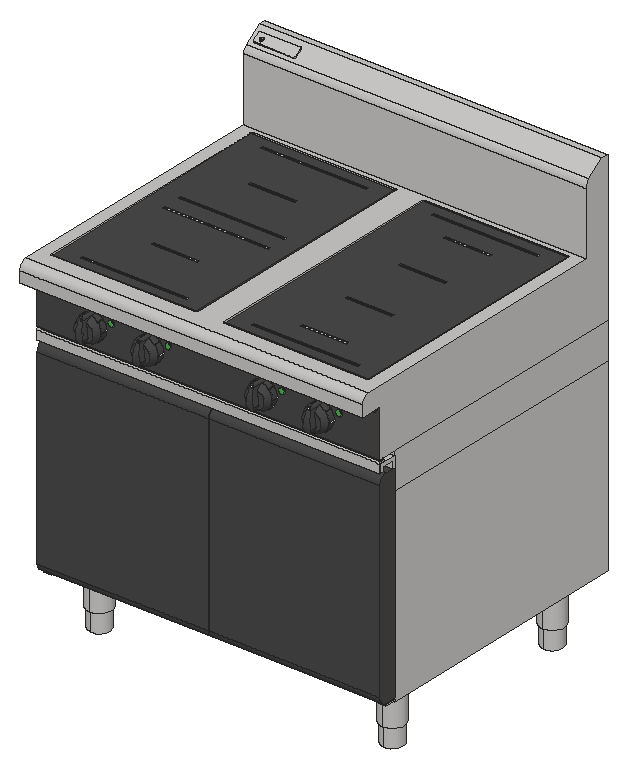
Revit family "QF_Moffat_INB8400R3F-CD_Induction_Cooktop_cat", category Specialty Equipment, Revit 2019
Family settings
  Round Connector Dimension = Use Diameter
  Part Type = Normal
  Work Plane-Based = No
  Always vertical = Yes
  Cut with Voids When Loaded = No
  Shared = No
  Room Calculation Point = No
Parameters (values of type "INB8400R3F-CD_415/60/3")
  Weight in Kilograms = 105
  Watts = 17000 W
  Volts = 415 V
  URL Cutsheet = ""
  Specification by User = ""
  Specification by Manufacturer = ""
  Show Logo [instance] = yes
  Serial Number = ""
  Seismic Rating = ""
  SMACNA No = ""
  Revision Code = ""
  Phase = 3
  Number of Poles = 1
  NAFEM Spec ID Number = ""
  Model = "INB8400R3F-CD"
  Min Ckt Ampacity = 0 A
  Max Overcurrent Protection = 0 A
  Masterspec = ""
  Manufacturer = "Moffat"
  Length = 900 mm
  Item Number = ""
  Installed By = ""
  Identify Quantity as Lot = yes
  Height = 1130 mm
  HP = ""
  Furnished By = ""
  Foodservice Equipment Identifier = yes
  FL Amps = 24 A
  Electrical Remarks = ""
  Electric Connection Type = ""
  Elec Conn RI Height = 0 mm
  Elec Conn Connection Height = 0 mm
  Description = "Induction Cooktop"
  Depth = 805 mm
  Cycle = 60 Hz
  Conn Plug = ""
  Conn Conduit = yes
  CSI MasterFormat = ""
  Apparent Power = if(Phase = 3, Volts * FL Amps * 1.73, Volts * FL Amps)  # 17230.8 VA
Reference planes
  plane 1 "BACK": y = 0
  plane 2: z = 0
  plane 3 "LEFT": x = 0
  plane 4 "RIGHT": x = 900
  plane 5 "FRONT": y = -805
  plane 6 "TOP": z = 1130
  plane 7 "Center Y": x = 450
  plane 8 "Center X": y = -402.5
  plane 9: x = 65.5
  plane 10: x = 834.5
  plane 11: y = -30
  plane 12: z = 150
  plane 13: y = -100
  plane 14: y = -625
  plane 15: y = -70
  plane 16: z = 915
  plane 17: x = 770
Forms (mm)
  Extrusion 1, solid, material "QF_Metal_Stainless_Polished"
    sketch origin (0, 0, 560) x (0, 1, 0) y (0, 0, 1)
      loop
        line (0, 180) -> (0, 570) -> (-18.182, 570) -> (-60.863, 538.99)
        arc (-60.863, 538.99) -> (-67.584, 531.121) -> (-70, 521.058) r 22.165
        line (-70, 521.058) -> (-70, 355) -> (-784.417, 355)
        arc (-784.417, 355) -> (-798.971, 348.971) -> (-805, 334.417) r 20.583
        line (-805, 334.417) -> (-805, 305) -> (-749, 305) -> (-749, 180) -> (0, 180)
    from 0 to 900
  Extrusion 2, void
    sketch origin (0, -784.171, 915) x (0, 1, 0) y (-1, 0, 0)
      loop
        arc (699.341, -37.323) -> (697.584, -33.08) -> (693.341, -31.323) r 6
        line (693.341, -31.323) -> (45.245, -31.323)
        arc (45.245, -31.323) -> (41.002, -33.08) -> (39.245, -37.323) r 6
        line (39.245, -37.323) -> (39.245, -410.105)
        arc (39.245, -410.105) -> (41.002, -414.347) -> (45.245, -416.105) r 6
        line (45.245, -416.105) -> (693.341, -416.105)
        arc (693.341, -416.105) -> (697.584, -414.347) -> (699.341, -410.105) r 6
        line (699.341, -410.105) -> (699.341, -37.323)
      loop
        line (699.341, -862.677) -> (699.341, -489.895)
        arc (699.341, -489.895) -> (697.584, -485.653) -> (693.341, -483.895) r 6
        line (693.341, -483.895) -> (45.245, -483.895)
        arc (45.245, -483.895) -> (41.002, -485.653) -> (39.245, -489.895) r 6
        line (39.245, -489.895) -> (39.245, -862.677)
        arc (39.245, -862.677) -> (41.002, -866.92) -> (45.245, -868.677) r 6
        line (45.245, -868.677) -> (693.341, -868.677)
        arc (693.341, -868.677) -> (697.584, -866.92) -> (699.341, -862.677) r 6
    from 0 to -9.5
  Extrusion 3, solid, material "QF_Plastic_Black_Smooth"
    sketch origin (0, -784.171, 915) x (0, 1, 0) y (-1, 0, 0)
      loop
        line (695.341, -410.105) -> (695.341, -37.323)
        arc (695.341, -37.323) -> (694.755, -35.908) -> (693.341, -35.323) r 2
        line (693.341, -35.323) -> (45.245, -35.323)
        arc (45.245, -35.323) -> (43.831, -35.908) -> (43.245, -37.323) r 2
        line (43.245, -37.323) -> (43.245, -410.105)
        arc (43.245, -410.105) -> (43.831, -411.519) -> (45.245, -412.105) r 2
        line (45.245, -412.105) -> (693.341, -412.105)
        arc (693.341, -412.105) -> (694.755, -411.519) -> (695.341, -410.105) r 2
      loop
        line (667.194, -86.598) -> (661.194, -86.598) -> (661.194, -363.75) -> (667.194, -363.75) -> (667.194, -86.598)
      loop
        line (526.611, -163.924) -> (526.611, -283.924) -> (532.611, -283.924) -> (532.611, -163.924) -> (526.611, -163.924)
      loop
        line (398.444, -86.598) -> (392.444, -86.598) -> (392.444, -363.75) -> (398.444, -363.75) -> (398.444, -86.598)
      loop
        line (345.944, -86.598) -> (339.944, -86.598) -> (339.944, -363.75) -> (345.944, -363.75) -> (345.944, -86.598)
      loop
        line (206.611, -163.924) -> (206.611, -283.924) -> (212.611, -283.924) -> (212.611, -163.924) -> (206.611, -163.924)
      loop
        line (77.194, -86.598) -> (71.194, -86.598) -> (71.194, -363.75) -> (77.194, -363.75) -> (77.194, -86.598)
      loop
        arc (695.341, -489.895) -> (694.755, -488.481) -> (693.341, -487.895) r 2
        line (693.341, -487.895) -> (45.245, -487.895)
        arc (45.245, -487.895) -> (43.831, -488.481) -> (43.245, -489.895) r 2
        line (43.245, -489.895) -> (43.245, -862.677)
        arc (43.245, -862.677) -> (43.831, -864.092) -> (45.245, -864.677) r 2
        line (45.245, -864.677) -> (693.341, -864.677)
        arc (693.341, -864.677) -> (694.755, -864.092) -> (695.341, -862.677) r 2
        line (695.341, -862.677) -> (695.341, -489.895)
      loop
        line (667.194, -813.402) -> (667.194, -536.25) -> (661.194, -536.25) -> (661.194, -813.402) -> (667.194, -813.402)
      loop
        line (601.611, -736.076) -> (607.611, -736.076) -> (607.611, -616.076) -> (601.611, -616.076) -> (601.611, -736.076)
      loop
        line (279.111, -736.076) -> (285.111, -736.076) -> (285.111, -616.076) -> (279.111, -616.076) -> (279.111, -736.076)
      loop
        line (77.194, -813.402) -> (77.194, -536.25) -> (71.194, -536.25) -> (71.194, -813.402) -> (77.194, -813.402)
      loop
        line (454.501, -736.076) -> (460.501, -736.076) -> (460.501, -616.076) -> (454.501, -616.076) -> (454.501, -736.076)
      loop
        line (131.211, -736.076) -> (137.211, -736.076) -> (137.211, -616.076) -> (131.211, -616.076) -> (131.211, -736.076)
    from 0 to -9.5
  Extrusion 4, solid, material "QF_Metal_Stainless_Polished"
    sketch origin (0, 0, 600) x (0, 1, 0) y (0, 0, 1)
      loop
        line (-739.467, 140) -> (-738.192, 134.838)
        arc (-738.192, 134.838) -> (-738.307, 134.302) -> (-738.799, 134.063) r 0.625
        line (-738.799, 134.063) -> (-746.111, 134.063)
        arc (-746.111, 134.063) -> (-748.011, 133.276) -> (-748.797, 131.377) r 2.686
        line (-748.797, 131.377) -> (-748.797, 107.627) -> (-747.197, 107.627) -> (-747.197, 131.242)
        arc (-747.197, 131.242) -> (-746.84, 132.105) -> (-745.976, 132.463) r 1.221
        line (-745.976, 132.463) -> (-738.755, 132.463)
        arc (-738.755, 132.463) -> (-737.028, 133.304) -> (-736.625, 135.182) r 2.194
        line (-736.625, 135.182) -> (-737.815, 140) -> (-739.467, 140)
    from 0 to 900
  Extrusion 5, solid, material "QF_Plastic_Black_Smooth"
    sketch origin (0, -749, 741.875) x (0, 0, 1) y (-1, 0, 0)
      loop
        circle (112.843, -13.157) r 5
      loop
        circle (112.843, -886.843) r 5
    from 0 to 1.6
  Extrusion 6, solid, material "QF_Metal_Stainless_Polished"
    sketch origin (450, -699, 645) x (0, 1, 0) y (1, 0, 0)
      loop
        circle (669, 320) r 6.35
    from 0 to 10
  Extrusion 7, solid, material "QF_Metal_Stainless_Polished"
    sketch origin (0, -699, 645) x (1, 0, 0) y (0, -1, 0)
      loop
        line (0, -699) -> (900, -699) -> (900, 0) -> (849.2, 0) -> (849.2, -25.4) -> (485.8, -25.4) -> (485.8, 0) -> (414.2, 0) -> (414.2, -25.4) -> (50.8, -25.4) -> (50.8, 0) -> (0, 0) -> (0, -699)
    from 0 to -95
  Extrusion 8, solid, material "QF_Metal_Stainless_Polished"
    sketch origin (50.8, -30, 645) x (0, 1, 0) y (0, 0, 1)
      loop
        line (-669, 0) -> (-643.6, 0) -> (-643.6, 26.45) -> (-669, 26.45) -> (-669, 0)
      loop
        line (-669, 32.45) -> (-643.6, 32.45) -> (-643.6, 66.4) -> (-669, 66.4) -> (-669, 32.45)
      loop
        line (-669, 67.4) -> (-643.6, 67.4) -> (-643.6, 95) -> (-669, 95) -> (-669, 67.4)
    from 0 to 363.4
  Extrusion 9, solid, material "QF_Metal_Stainless_Polished"
    sketch origin (900, 0, 560) x (-1, 0, 0) y (0, -1, 0)
      loop
        line (536.25, 122.976) -> (536.25, 116.976) -> (813.402, 116.976) -> (813.402, 122.976) -> (536.25, 122.976)
      loop
        line (736.076, 251.56) -> (736.076, 257.56) -> (616.076, 257.56) -> (616.076, 251.56) -> (736.076, 251.56)
      loop
        line (813.402, 385.726) -> (813.402, 391.726) -> (536.25, 391.726) -> (536.25, 385.726) -> (813.402, 385.726)
      loop
        line (813.402, 438.226) -> (813.402, 444.226) -> (536.25, 444.226) -> (536.25, 438.226) -> (813.402, 438.226)
      loop
        line (736.076, 571.56) -> (736.076, 577.56) -> (616.076, 577.56) -> (616.076, 571.56) -> (736.076, 571.56)
      loop
        line (536.25, 712.976) -> (536.25, 706.976) -> (813.402, 706.976) -> (813.402, 712.976) -> (536.25, 712.976)
      loop
        line (86.598, 712.976) -> (86.598, 706.976) -> (363.75, 706.976) -> (363.75, 712.976) -> (86.598, 712.976)
      loop
        line (163.924, 652.959) -> (163.924, 646.959) -> (283.924, 646.959) -> (283.924, 652.959) -> (163.924, 652.959)
      loop
        line (163.924, 505.06) -> (163.924, 499.06) -> (283.924, 499.06) -> (283.924, 505.06) -> (163.924, 505.06)
      loop
        line (163.924, 329.669) -> (163.924, 323.669) -> (283.924, 323.669) -> (283.924, 329.669) -> (163.924, 329.669)
      loop
        line (163.924, 182.56) -> (163.924, 176.56) -> (283.924, 176.56) -> (283.924, 182.56) -> (163.924, 182.56)
      loop
        line (86.598, 122.976) -> (86.598, 116.976) -> (363.75, 116.976) -> (363.75, 122.976) -> (86.598, 122.976)
    from 355 to 345.5
  Extrusion 10, solid, material "QF_Paint_Green"
    sketch origin (63.231, -748.999, 713.75) x (0, 0, 1) y (-1, 0, 0)
      loop
        circle (100.3, -282.5) r 7.15
    from 0 to 1.6
  Extrusion 11, solid, material "QF_Plastic_Black_Smooth"
    sketch origin (75, -748.999, 725.625) x (0, 0, 1) y (-1, 0, 0)
      loop
        circle (112.843, -225) r 5
    from 0 to 1.6
  Extrusion 12, solid, material "QF_Paint_Green"
    sketch origin (-86.769, -748.999, 713.75) x (0, 0, 1) y (-1, 0, 0)
      loop
        circle (100.3, -282.5) r 7.15
    from 0 to 1.6
  Extrusion 13, solid, material "QF_Plastic_Black_Smooth"
    sketch origin (-75, -748.999, 725.625) x (0, 0, 1) y (-1, 0, 0)
      loop
        circle (112.843, -225) r 5
    from 0 to 1.6
  Extrusion 14, solid, material "QF_Paint_Green"
    sketch origin (511.981, -748.999, 713.75) x (0, 0, 1) y (-1, 0, 0)
      loop
        circle (100.3, -282.5) r 7.15
    from 0 to 1.6
  Extrusion 15, solid, material "QF_Plastic_Black_Smooth"
    sketch origin (523.75, -748.999, 725.625) x (0, 0, 1) y (-1, 0, 0)
      loop
        circle (112.843, -225) r 5
    from 0 to 1.6
  Extrusion 16, solid, material "QF_Paint_Green"
    sketch origin (361.981, -748.999, 713.75) x (0, 0, 1) y (-1, 0, 0)
      loop
        circle (100.3, -282.5) r 7.15
    from 0 to 1.6
  Extrusion 17, solid, material "QF_Plastic_Black_Smooth"
    sketch origin (373.75, -748.999, 725.625) x (0, 0, 1) y (-1, 0, 0)
      loop
        circle (112.843, -225) r 5
    from 0 to 1.6
  Extrusion 18, solid, material "QF_Metal_Stainless_Polished"
    sketch origin (849.2, -30, 645) x (0, 1, 0) y (0, 0, -1)
      loop
        line (-669, 0) -> (-669, -26.45) -> (-643.6, -26.45) -> (-643.6, 0) -> (-669, 0)
      loop
        line (-669, -32.45) -> (-669, -66.4) -> (-643.6, -66.4) -> (-643.6, -32.45) -> (-669, -32.45)
      loop
        line (-669, -67.4) -> (-669, -95) -> (-643.6, -95) -> (-643.6, -67.4) -> (-669, -67.4)
    from 0 to 363.4
Cuts and joins
  Extrusion 2 cuts Extrusion 1
Lines and regions (mm)
  symbolic lines
    curve 1: line (0, 0, 0) -> (900, 0, 0)
    curve 2: line (0, -805, 0) -> (0, 0, 0)
    curve 3: line (900, -805, 0) -> (0, -805, 0)
    curve 4: line (900, 0, 0) -> (900, -805, 0)
    curve 5: line (0, -18.182, 0) -> (900, -18.182, 0)
    curve 6: line (0, -70, 0) -> (450, -70, 0)
    curve 7: line (37.323, -84.83, 0) -> (410.105, -84.83, 0)
    curve 8: arc (410.105, -84.83, 0) -> (414.347, -86.587, 0) -> (416.105, -90.83, 0) r 6
    curve 9: line (416.105, -90.83, 0) -> (416.105, -738.926, 0)
    curve 10: arc (416.105, -738.926, 0) -> (414.347, -743.168, 0) -> (410.105, -744.926, 0) r 6
    curve 11: line (410.105, -744.926, 0) -> (37.323, -744.926, 0)
    curve 12: arc (37.323, -744.926, 0) -> (33.08, -743.168, 0) -> (31.323, -738.926, 0) r 6
    curve 13: line (31.323, -738.926, 0) -> (31.323, -90.83, 0)
    curve 14: arc (31.323, -90.83, 0) -> (33.08, -86.587, 0) -> (37.323, -84.83, 0) r 6
    curve 15: line (410.105, -88.83, 0) -> (37.323, -88.83, 0)
    curve 16: arc (37.323, -88.83, 0) -> (35.908, -89.415, 0) -> (35.323, -90.83, 0) r 2
    curve 17: line (35.323, -90.83, 0) -> (35.323, -738.926, 0)
    curve 18: arc (35.323, -738.926, 0) -> (35.908, -740.34, 0) -> (37.323, -740.926, 0) r 2
    curve 19: line (37.323, -740.926, 0) -> (410.105, -740.926, 0)
    curve 20: arc (410.105, -740.926, 0) -> (411.519, -740.34, 0) -> (412.105, -738.926, 0) r 2
    curve 21: line (412.105, -738.926, 0) -> (412.105, -90.83, 0)
    curve 22: arc (412.105, -90.83, 0) -> (411.519, -89.415, 0) -> (410.105, -88.83, 0) r 2
    curve 23: line (416.105, -738.926, 0) -> (416.105, -90.83, 0)
    curve 24: line (412.105, -90.83, 0) -> (412.105, -738.926, 0)
    curve 25: line (862.677, -84.83, 0) -> (489.895, -84.83, 0)
    curve 26: arc (489.895, -84.83, 0) -> (485.653, -86.587, 0) -> (483.895, -90.83, 0) r 6
    curve 27: arc (483.895, -738.926, 0) -> (485.653, -743.168, 0) -> (489.895, -744.926, 0) r 6
    curve 28: line (489.895, -744.926, 0) -> (862.677, -744.926, 0)
    curve 29: arc (862.677, -744.926, 0) -> (866.92, -743.168, 0) -> (868.677, -738.926, 0) r 6
    curve 30: line (868.677, -738.926, 0) -> (868.677, -90.83, 0)
    curve 31: arc (868.677, -90.83, 0) -> (866.92, -86.587, 0) -> (862.677, -84.83, 0) r 6
    curve 32: line (489.895, -88.83, 0) -> (862.677, -88.83, 0)
    curve 33: arc (862.677, -88.83, 0) -> (864.092, -89.415, 0) -> (864.677, -90.83, 0) r 2
    curve 34: line (864.677, -90.83, 0) -> (864.677, -738.926, 0)
    curve 35: arc (864.677, -738.926, 0) -> (864.092, -740.34, 0) -> (862.677, -740.926, 0) r 2
    curve 36: line (862.677, -740.926, 0) -> (489.895, -740.926, 0)
    curve 37: arc (489.895, -740.926, 0) -> (488.481, -740.34, 0) -> (487.895, -738.926, 0) r 2
    curve 38: arc (487.895, -90.83, 0) -> (488.481, -89.415, 0) -> (489.895, -88.83, 0) r 2
    curve 39: line (487.895, -90.83, 0) -> (487.895, -738.926, 0)
    curve 40: arc (487.895, -738.926, 0) -> (488.481, -740.34, 0) -> (489.895, -740.926, 0) r 2
    curve 41: line (489.895, -740.926, 0) -> (862.677, -740.926, 0)
    curve 42: arc (862.677, -740.926, 0) -> (864.092, -740.34, 0) -> (864.677, -738.926, 0) r 2
    curve 43: line (864.677, -738.926, 0) -> (864.677, -90.83, 0)
    curve 44: arc (864.677, -90.83, 0) -> (864.092, -89.415, 0) -> (862.677, -88.83, 0) r 2
    curve 45: line (862.677, -88.83, 0) -> (489.895, -88.83, 0)
    curve 46: arc (489.895, -88.83, 0) -> (488.481, -89.415, 0) -> (487.895, -90.83, 0) r 2
    curve 47: line (483.895, -90.83, 0) -> (483.895, -738.926, 0)
    curve 48: arc (483.895, -738.926, 0) -> (485.653, -743.168, 0) -> (489.895, -744.926, 0) r 6
    curve 49: line (489.895, -744.926, 0) -> (862.677, -744.926, 0)
    curve 50: arc (862.677, -744.926, 0) -> (866.92, -743.168, 0) -> (868.677, -738.926, 0) r 6
    curve 51: line (868.677, -738.926, 0) -> (868.677, -90.83, 0)
    curve 52: arc (868.677, -90.83, 0) -> (866.92, -86.587, 0) -> (862.677, -84.83, 0) r 6
    curve 53: line (862.677, -84.83, 0) -> (489.895, -84.83, 0)
    curve 54: arc (489.895, -84.83, 0) -> (485.653, -86.587, 0) -> (483.895, -90.83, 0) r 6
    curve 55: line (86.598, -122.976, 0) -> (363.75, -122.976, 0)
    curve 56: line (363.75, -122.976, 0) -> (363.75, -116.976, 0)
    curve 57: line (363.75, -116.976, 0) -> (86.598, -116.976, 0)
    curve 58: line (86.598, -116.976, 0) -> (86.598, -122.976, 0)
    curve 59: line (283.924, -251.56, 0) -> (163.924, -251.56, 0)
    curve 60: line (163.924, -251.56, 0) -> (163.924, -257.56, 0)
    curve 61: line (163.924, -257.56, 0) -> (283.924, -257.56, 0)
    curve 62: line (283.924, -257.56, 0) -> (283.924, -251.56, 0)
    curve 63: line (536.25, -122.976, 0) -> (813.402, -122.976, 0)
    curve 64: line (813.402, -122.976, 0) -> (813.402, -116.976, 0)
    curve 65: line (813.402, -116.976, 0) -> (536.25, -116.976, 0)
    curve 66: line (536.25, -116.976, 0) -> (536.25, -122.976, 0)
    curve 67: line (736.076, -176.56, 0) -> (616.076, -176.56, 0)
    curve 68: line (616.076, -176.56, 0) -> (616.076, -182.56, 0)
    curve 69: line (616.076, -182.56, 0) -> (736.076, -182.56, 0)
    curve 70: line (736.076, -182.56, 0) -> (736.076, -176.56, 0)
    curve 71: line (736.076, -323.669, 0) -> (616.076, -323.669, 0)
    curve 72: line (616.076, -323.669, 0) -> (616.076, -329.669, 0)
    curve 73: line (616.076, -329.669, 0) -> (736.076, -329.669, 0)
    curve 74: line (736.076, -329.669, 0) -> (736.076, -323.669, 0)
    curve 75: line (736.076, -499.06, 0) -> (616.076, -499.06, 0)
    curve 76: line (616.076, -499.06, 0) -> (616.076, -505.06, 0)
    curve 77: line (616.076, -505.06, 0) -> (736.076, -505.06, 0)
    curve 78: line (736.076, -505.06, 0) -> (736.076, -499.06, 0)
    curve 79: line (736.076, -646.959, 0) -> (616.076, -646.959, 0)
    curve 80: line (616.076, -646.959, 0) -> (616.076, -652.959, 0)
    curve 81: line (616.076, -652.959, 0) -> (736.076, -652.959, 0)
    curve 82: line (736.076, -652.959, 0) -> (736.076, -646.959, 0)
    curve 83: line (813.402, -706.976, 0) -> (536.25, -706.976, 0)
    curve 84: line (536.25, -706.976, 0) -> (536.25, -712.976, 0)
    curve 85: line (536.25, -712.976, 0) -> (813.402, -712.976, 0)
    curve 86: line (813.402, -712.976, 0) -> (813.402, -706.976, 0)
    curve 87: line (86.598, -712.976, 0) -> (363.75, -712.976, 0)
    curve 88: line (363.75, -712.976, 0) -> (363.75, -706.976, 0)
    curve 89: line (363.75, -706.976, 0) -> (86.598, -706.976, 0)
    curve 90: line (86.598, -706.976, 0) -> (86.598, -712.976, 0)
    curve 91: line (283.924, -577.56, 0) -> (163.924, -577.56, 0)
    curve 92: line (163.924, -577.56, 0) -> (163.924, -571.56, 0)
    curve 93: line (163.924, -571.56, 0) -> (283.924, -571.56, 0)
    curve 94: line (283.924, -571.56, 0) -> (283.924, -577.56, 0)
    curve 95: line (86.598, -444.226, 0) -> (363.75, -444.226, 0)
    curve 96: line (363.75, -444.226, 0) -> (363.75, -438.226, 0)
    curve 97: line (363.75, -438.226, 0) -> (86.598, -438.226, 0)
    curve 98: line (86.598, -438.226, 0) -> (86.598, -444.226, 0)
    curve 99: line (86.598, -391.726, 0) -> (363.75, -391.726, 0)
    curve 100: line (363.75, -391.726, 0) -> (363.75, -385.726, 0)
    curve 101: line (363.75, -385.726, 0) -> (86.598, -385.726, 0)
    curve 102: line (86.598, -385.726, 0) -> (86.598, -391.726, 0)
    curve 103: line (0, 0, 560) -> (900, 0, 560)
    curve 104: line (0, -805, 560) -> (0, 0, 560)
    curve 105: line (900, -805, 560) -> (0, -805, 560)
    curve 106: line (900, 0, 560) -> (900, -805, 560)
    curve 107: line (0, -18.182, 560) -> (900, -18.182, 560)
    curve 108: line (0, -70, 560) -> (900, -70, 560)
    curve 109: line (416.105, -90.83, 560) -> (416.105, -738.926, 560)
    curve 110: line (412.105, -738.926, 560) -> (412.105, -90.83, 560)
    curve 111: line (416.105, -738.926, 560) -> (416.105, -90.83, 560)
    curve 112: line (412.105, -90.83, 560) -> (412.105, -738.926, 560)
    curve 113: line (862.677, -84.83, 560) -> (489.895, -84.83, 560)
    curve 114: arc (483.895, -738.926, 560) -> (485.653, -743.168, 560) -> (489.895, -744.926, 560) r 6
    curve 115: line (489.895, -744.926, 560) -> (862.677, -744.926, 560)
    curve 116: arc (862.677, -744.926, 560) -> (866.92, -743.168, 560) -> (868.677, -738.926, 560) r 6
    curve 117: arc (864.677, -738.926, 560) -> (864.092, -740.34, 560) -> (862.677, -740.926, 560) r 2
    curve 118: line (862.677, -740.926, 560) -> (489.895, -740.926, 560)
    curve 119: arc (489.895, -740.926, 560) -> (488.481, -740.34, 560) -> (487.895, -738.926, 560) r 2
    curve 120: arc (487.895, -738.926, 560) -> (488.481, -740.34, 560) -> (489.895, -740.926, 560) r 2
    curve 121: line (489.895, -740.926, 560) -> (862.677, -740.926, 560)
    curve 122: arc (862.677, -740.926, 560) -> (864.092, -740.34, 560) -> (864.677, -738.926, 560) r 2
    curve 123: arc (483.895, -738.926, 560) -> (485.653, -743.168, 560) -> (489.895, -744.926, 560) r 6
    curve 124: line (489.895, -744.926, 560) -> (862.677, -744.926, 560)
    curve 125: arc (862.677, -744.926, 560) -> (866.92, -743.168, 560) -> (868.677, -738.926, 560) r 6
    curve 126: line (86.598, -122.976, 560) -> (363.75, -122.976, 560)
    curve 127: line (363.75, -122.976, 560) -> (363.75, -116.976, 560)
    curve 128: line (363.75, -116.976, 560) -> (86.598, -116.976, 560)
    curve 129: line (86.598, -116.976, 560) -> (86.598, -122.976, 560)
    curve 130: line (283.924, -251.56, 560) -> (163.924, -251.56, 560)
    curve 131: line (163.924, -251.56, 560) -> (163.924, -257.56, 560)
    curve 132: line (163.924, -257.56, 560) -> (283.924, -257.56, 560)
    curve 133: line (283.924, -257.56, 560) -> (283.924, -251.56, 560)
    curve 134: line (536.25, -122.976, 560) -> (813.402, -122.976, 560)
    curve 135: line (813.402, -122.976, 560) -> (813.402, -116.976, 560)
    curve 136: line (813.402, -116.976, 560) -> (536.25, -116.976, 560)
    curve 137: line (536.25, -116.976, 560) -> (536.25, -122.976, 560)
    curve 138: line (736.076, -176.56, 560) -> (616.076, -176.56, 560)
    curve 139: line (616.076, -176.56, 560) -> (616.076, -182.56, 560)
    curve 140: line (616.076, -182.56, 560) -> (736.076, -182.56, 560)
    curve 141: line (736.076, -182.56, 560) -> (736.076, -176.56, 560)
    curve 142: line (736.076, -323.669, 560) -> (616.076, -323.669, 560)
    curve 143: line (616.076, -323.669, 560) -> (616.076, -329.669, 560)
    curve 144: line (616.076, -329.669, 560) -> (736.076, -329.669, 560)
    curve 145: line (736.076, -329.669, 560) -> (736.076, -323.669, 560)
    curve 146: line (736.076, -499.06, 560) -> (616.076, -499.06, 560)
    curve 147: line (616.076, -499.06, 560) -> (616.076, -505.06, 560)
    curve 148: line (616.076, -505.06, 560) -> (736.076, -505.06, 560)
    curve 149: line (736.076, -505.06, 560) -> (736.076, -499.06, 560)
    curve 150: line (736.076, -646.959, 560) -> (616.076, -646.959, 560)
    curve 151: line (616.076, -646.959, 560) -> (616.076, -652.959, 560)
    curve 152: line (616.076, -652.959, 560) -> (736.076, -652.959, 560)
    curve 153: line (736.076, -652.959, 560) -> (736.076, -646.959, 560)
    curve 154: line (813.402, -706.976, 560) -> (536.25, -706.976, 560)
    curve 155: line (536.25, -706.976, 560) -> (536.25, -712.976, 560)
    curve 156: line (536.25, -712.976, 560) -> (813.402, -712.976, 560)
    curve 157: line (813.402, -712.976, 560) -> (813.402, -706.976, 560)
    curve 158: line (86.598, -712.976, 560) -> (363.75, -712.976, 560)
    curve 159: line (363.75, -712.976, 560) -> (363.75, -706.976, 560)
    curve 160: line (363.75, -706.976, 560) -> (86.598, -706.976, 560)
    curve 161: line (86.598, -706.976, 560) -> (86.598, -712.976, 560)
    curve 162: line (283.924, -577.56, 560) -> (163.924, -577.56, 560)
    curve 163: line (163.924, -577.56, 560) -> (163.924, -571.56, 560)
    curve 164: line (163.924, -571.56, 560) -> (283.924, -571.56, 560)
    curve 165: line (283.924, -571.56, 560) -> (283.924, -577.56, 560)
    curve 166: line (86.598, -444.226, 560) -> (363.75, -444.226, 560)
    curve 167: line (363.75, -444.226, 560) -> (363.75, -438.226, 560)
    curve 168: line (363.75, -438.226, 560) -> (86.598, -438.226, 560)
    curve 169: line (86.598, -438.226, 560) -> (86.598, -444.226, 560)
    curve 170: line (86.598, -391.726, 560) -> (363.75, -391.726, 560)
    curve 171: line (363.75, -391.726, 560) -> (363.75, -385.726, 560)
    curve 172: line (363.75, -385.726, 560) -> (86.598, -385.726, 560)
    curve 173: line (86.598, -385.726, 560) -> (86.598, -391.726, 560)
Dimensions and locks
  equal spacing: plane 3 "LEFT", plane 7 "Center Y", plane 4 "RIGHT"
  "Length": plane 3 "LEFT" to plane 4 "RIGHT"
  equal spacing: plane 5 "FRONT", plane 8 "Center X", plane 1 "BACK"
  "Depth": plane 5 "FRONT" to plane 1 "BACK"
  "Height": plane 6 "TOP" to level
  plane 9 to plane 10 = 769 mm
  plane 4 "RIGHT" to plane 3 "LEFT" = 900 mm
  plane 6 "TOP" to plane 2 = 1130 mm
  plane 1 "BACK" to plane 11 = 30 mm
  plane 1 "BACK" to plane 13 to plane 14 = 100 mm, 525 mm
  plane 1 "BACK" to plane 15 = 70 mm
  plane 16 to level = 915 mm  (x2)
  level to plane 12 = 150 mm
  plane 12 to level = 150 mm
  plane 4 "RIGHT" to plane 17 = 130 mm
  plane 1 "BACK" to plane 5 "FRONT" = 805 mm
  locked: plane 10 to plane 4 "RIGHT" at 65.5
  aligned and locked: level to plane 2
  aligned and locked: Extrusion 18 to Extrusion 7  (x2)
Automatic sketch dimensions
  curve 8 to curve 22 = 0 mm  (x2)
  curve 10 to curve 20 = 0 mm  (x2)
  curve 12 to curve 18 = 0 mm  (x2)
  curve 14 to curve 16 = 0 mm  (x2)
  curve 26 to curve 38 = 0 mm  (x2)
  curve 26 to curve 46 = 0 mm  (x2)
  curve 26 to curve 54 = 0 mm  (x2)
  curve 27 to curve 37 = 0 mm  (x2)
  curve 27 to curve 40 = 0 mm  (x2)
  curve 27 to curve 48 = 0 mm  (x2)
  curve 29 to curve 35 = 0 mm  (x2)
  curve 29 to curve 42 = 0 mm  (x2)
  curve 29 to curve 50 = 0 mm  (x2)
  curve 31 to curve 33 = 0 mm  (x2)
  curve 31 to curve 44 = 0 mm  (x2)
  curve 31 to curve 52 = 0 mm  (x2)
  curve 33 to curve 44 = 0 mm  (x2)
  curve 33 to curve 52 = 0 mm  (x2)
  curve 35 to curve 42 = 0 mm  (x2)
  curve 35 to curve 50 = 0 mm  (x2)
  curve 37 to curve 40 = 0 mm  (x2)
  curve 37 to curve 48 = 0 mm  (x2)
  curve 38 to curve 46 = 0 mm  (x2)
  curve 38 to curve 54 = 0 mm  (x2)
  curve 40 to curve 48 = 0 mm  (x2)
  curve 42 to curve 50 = 0 mm  (x2)
  curve 44 to curve 52 = 0 mm  (x2)
  curve 46 to curve 54 = 0 mm  (x2)
  plane 1 "BACK" to curve 1 = 0 mm
  curve 1 to plane 3 "LEFT" = 0 mm
  curve 6 to plane 7 "Center Y" = 0 mm
  curve 5 to plane 4 "RIGHT" = 0 mm
  plane 5 "FRONT" to curve 3 = 0 mm
  plane 15 to curve 6 = 0 mm
  plane 3 "LEFT" to curve 13 = 31.323 mm
  curve 13 to curve 17 = 4 mm
  curve 17 to curve 16 = 2 mm
  curve 17 to curve 18 = 2 mm
  curve 102 to plane 9 = 21.098 mm
  curve 57 to plane 9 = 21.098 mm
  curve 87 to plane 9 = 21.098 mm
  curve 95 to plane 9 = 21.098 mm
  curve 91 to plane 14 = 47.44 mm
  curve 91 to plane 9 = 98.424 mm
  curve 60 to plane 9 = 98.424 mm
  curve 60 to curve 61 = 120 mm
  curve 93 to plane 14 = 53.44 mm
  curve 92 to curve 93 = 120 mm
  curve 96 to plane 8 "Center X" = 41.726 mm
  curve 96 to plane 7 "Center Y" = 86.25 mm
  plane 8 "Center X" to curve 99 = 10.774 mm
  curve 99 to curve 96 = 0 mm
  plane 13 to curve 56 = 16.976 mm
  curve 56 to plane 7 "Center Y" = 86.25 mm
  curve 89 to plane 7 "Center Y" = 86.25 mm
  curve 8 to plane 13 = 9.17 mm
  curve 8 to plane 7 "Center Y" = 39.895 mm
  curve 10 to plane 7 "Center Y" = 39.895 mm
  curve 8 to curve 21 = 2 mm
  plane 7 "Center Y" to curve 47 = 33.895 mm
  curve 27 to curve 39 = 4 mm
  curve 38 to curve 46 = 2 mm
  curve 37 to curve 36 = 2 mm
  plane 13 to curve 66 = 22.976 mm
  curve 26 to curve 66 = 46.355 mm
  curve 27 to curve 85 = 46.355 mm
  curve 63 to curve 67 = 79.826 mm
  curve 77 to plane 17 = 153.924 mm
  plane 14 to curve 80 = 21.959 mm
  curve 83 to curve 80 = 79.826 mm
  plane 8 "Center X" to curve 73 = 72.831 mm
  curve 73 to curve 68 = 0 mm
  curve 77 to plane 17 = 33.924 mm
  curve 67 to plane 17 = 33.924 mm
  curve 71 to plane 17 = 33.924 mm
  curve 79 to plane 17 = 33.924 mm
  plane 10 to curve 63 = 21.098 mm
  plane 10 to curve 85 = 21.098 mm
  curve 42 to plane 10 = 28.177 mm
  curve 32 to plane 13 = 11.17 mm
  curve 32 to plane 10 = 28.177 mm
  curve 31 to curve 34 = 2 mm
  curve 49 to plane 5 "FRONT" = 60.074 mm
  curve 11 to plane 5 "FRONT" = 60.074 mm
  curve 27 to curve 84 = 25.949 mm
  curve 10 to curve 87 = 25.949 mm
  curve 85 to curve 83 = 6 mm
  curve 87 to curve 90 = 6 mm
  curve 81 to curve 79 = 6 mm
  curve 78 to plane 8 "Center X" = 102.56 mm
  curve 77 to curve 75 = 6 mm
  curve 95 to curve 98 = 6 mm
  curve 99 to curve 100 = 6 mm
  curve 73 to curve 74 = 6 mm
  plane 8 "Center X" to curve 62 = 144.94 mm
  curve 61 to curve 62 = 6 mm
  plane 13 to curve 70 = 82.56 mm
  curve 68 to curve 68 = 6 mm
  curve 58 to curve 57 = 6 mm
  curve 63 to curve 65 = 6 mm
  curve 5 to plane 11 = 11.818 mm
  Extrusion 1 sketch curve to plane 5 "FRONT" = 0 mm
  Extrusion 1 sketch curve to plane 16 = 0 mm
  Extrusion 1 sketch curve to plane 15 = 0 mm
  Extrusion 1 sketch curve to plane 6 "TOP" = 0 mm
  Extrusion 1 sketch curve to plane 1 "BACK" = 0 mm
  Extrusion 1 sketch curve to plane 5 "FRONT" = 20.583 mm
  Extrusion 1 sketch curve to plane 5 "FRONT" = 56 mm
  Extrusion 1 sketch curve to plane 15 = 9.137 mm
  plane 11 to Extrusion 1 sketch curve = 17.835 mm
  Extrusion 1 sketch curve to plane 11 = 11.818 mm
  Extrusion 1 sketch curve to Extrusion 1 sketch curve = 29.417 mm
  Extrusion 1 sketch curve to plane 16 = 175 mm
  Extrusion 1 sketch curve to plane 6 "TOP" = 48.942 mm
  Extrusion 2 sketch curve to Extrusion 1 = 39.492 mm  (x2)
  Extrusion 2 sketch curve to Extrusion 2 sketch curve = 6 mm  (x6)
  Extrusion 1 to Extrusion 2 sketch curve = 20.83 mm  (x4)
  Extrusion 1 to Extrusion 2 sketch curve = 31.323 mm
  Extrusion 2 sketch curve to Extrusion 2 sketch curve = 372.782 mm
  Extrusion 2 sketch curve to Extrusion 2 sketch curve = 67.791 mm
  Extrusion 1 to Extrusion 2 sketch curve = 37.323 mm
  Extrusion 3 sketch curve to Extrusion 1 = 43.492 mm  (x2)
  Extrusion 3 sketch curve to Extrusion 3 sketch curve = 2 mm  (x6)
  Extrusion 3 sketch curve to Extrusion 3 sketch curve = 25.949 mm  (x2)
  Extrusion 3 sketch curve to Extrusion 3 sketch curve = 6 mm  (x12)
  Extrusion 3 sketch curve to Extrusion 3 sketch curve = 54.017 mm
  Extrusion 3 sketch curve to Extrusion 3 sketch curve = 129.416 mm
  Extrusion 3 sketch curve to Extrusion 3 sketch curve = 141.899 mm
  Extrusion 3 sketch curve to Extrusion 3 sketch curve = 127.334 mm
  Extrusion 3 sketch curve to Extrusion 3 sketch curve = 46.5 mm
  Extrusion 3 sketch curve to Extrusion 3 sketch curve = 169.391 mm
  Extrusion 3 sketch curve to Extrusion 3 sketch curve = 128.166 mm
  Extrusion 1 to Extrusion 3 sketch curve = 112.56 mm
  Extrusion 1 to Extrusion 3 sketch curve = 52.976 mm  (x2)
  Extrusion 1 to Extrusion 3 sketch curve = 20.83 mm  (x4)
  Extrusion 1 to Extrusion 3 sketch curve = 35.323 mm
  Extrusion 3 sketch curve to Extrusion 3 sketch curve = 49.275 mm  (x2)
  Extrusion 3 sketch curve to Extrusion 3 sketch curve = 77.326 mm  (x2)
  Extrusion 1 to Extrusion 3 sketch curve = 163.924 mm
  Extrusion 3 sketch curve to Extrusion 3 sketch curve = 0 mm  (x3)
  Extrusion 3 sketch curve to Extrusion 3 sketch curve = 120 mm  (x6)
  Extrusion 3 sketch curve to Extrusion 3 sketch curve = 79.826 mm  (x4)
  Extrusion 3 sketch curve to Extrusion 3 sketch curve = 46.355 mm  (x3)
  Extrusion 3 sketch curve to Extrusion 3 sketch curve = 75.791 mm
  Extrusion 3 sketch curve to Extrusion 3 sketch curve = 252.326 mm
  Extrusion 1 to Extrusion 3 sketch curve = 86.598 mm  (x3)
  Extrusion 1 to Extrusion 3 sketch curve = 37.323 mm
  Extrusion 4 sketch curve to plane 5 "FRONT" = 56.203 mm
  Extrusion 4 sketch curve to Extrusion 4 sketch curve = 1.6 mm
  Extrusion 4 sketch curve to Extrusion 4 sketch curve = 1.086 mm
  Extrusion 4 sketch curve to Extrusion 4 sketch curve = 0.135 mm  (x2)
  Extrusion 4 sketch curve to Extrusion 4 sketch curve = 6.644 mm
  Extrusion 4 sketch curve to Extrusion 4 sketch curve = 0.668 mm
  Extrusion 4 sketch curve to Extrusion 4 sketch curve = 0.044 mm
  Extrusion 4 sketch curve to Extrusion 4 sketch curve = 0.563 mm
  Extrusion 4 sketch curve to Extrusion 4 sketch curve = 1.652 mm
  Extrusion 4 sketch curve to Extrusion 4 sketch curve = 1.567 mm
  Extrusion 4 sketch curve to plane 16 = 207.373 mm
  Extrusion 4 sketch curve to Extrusion 4 sketch curve = 23.614 mm
  Extrusion 4 sketch curve to Extrusion 4 sketch curve = 0.594 mm
  Extrusion 4 sketch curve to Extrusion 4 sketch curve = 0.032 mm
  Extrusion 4 sketch curve to Extrusion 4 sketch curve = 5.162 mm
  Extrusion 1 to Extrusion 5 sketch curve = 10.282 mm  (x2)
  Extrusion 1 to Extrusion 5 sketch curve = 13.157 mm  (x2)
  Extrusion 7 to Extrusion 6 sketch curve = 30 mm
  Extrusion 6 sketch curve to Extrusion 7 = 79.2 mm
  Extrusion 7 sketch curve to plane 3 "LEFT" = 0 mm
  Extrusion 7 sketch curve to plane 4 "RIGHT" = 0 mm
  plane 1 "BACK" to Extrusion 7 sketch curve = 0 mm
  plane 9 to Extrusion 7 sketch curve = 14.7 mm
  Extrusion 7 sketch curve to plane 7 "Center Y" = 35.8 mm
  plane 7 "Center Y" to Extrusion 7 sketch curve = 35.8 mm
  Extrusion 7 sketch curve to plane 10 = 14.7 mm
  plane 14 to Extrusion 7 sketch curve = 48.6 mm  (x2)
  Extrusion 7 sketch curve to Extrusion 7 sketch curve = 25.4 mm  (x3)
  Extrusion 8 sketch curve to Extrusion 7 = 0 mm  (x8)
  Extrusion 7 to Extrusion 8 sketch curve = 26.45 mm
  Extrusion 8 sketch curve to Extrusion 8 sketch curve = 6 mm
  Extrusion 7 to Extrusion 8 sketch curve = 28.6 mm
  Extrusion 8 sketch curve to Extrusion 8 sketch curve = 1 mm
  Extrusion 9 sketch curve to plane 10 = 21.098 mm  (x2)
  plane 17 to Extrusion 9 sketch curve = 33.924 mm  (x4)
  Extrusion 9 sketch curve to Extrusion 9 sketch curve = 120 mm  (x4)
  Extrusion 9 sketch curve to plane 14 = 21.959 mm
  Extrusion 9 sketch curve to plane 7 "Center Y" = 86.25 mm  (x2)
  Extrusion 9 sketch curve to plane 13 = 16.976 mm
  Extrusion 9 sketch curve to plane 13 = 22.976 mm
  plane 7 "Center Y" to Extrusion 9 sketch curve = 86.25 mm  (x3)
  Extrusion 9 sketch curve to plane 8 "Center X" = 10.774 mm
  Extrusion 9 sketch curve to Extrusion 9 sketch curve = 0 mm
  Extrusion 9 sketch curve to Extrusion 9 sketch curve = 79.826 mm  (x2)
  plane 14 to Extrusion 9 sketch curve = 53.44 mm
  plane 9 to Extrusion 9 sketch curve = 98.424 mm  (x2)
  plane 9 to Extrusion 9 sketch curve = 21.098 mm  (x4)
  Extrusion 9 sketch curve to Extrusion 9 sketch curve = 6 mm  (x12)
  Extrusion 9 sketch curve to plane 14 = 81.976 mm  (x2)
  plane 8 "Center X" to Extrusion 9 sketch curve = 102.56 mm
  plane 8 "Center X" to Extrusion 9 sketch curve = 41.726 mm
  Extrusion 9 sketch curve to plane 8 "Center X" = 72.831 mm
  Extrusion 9 sketch curve to plane 8 "Center X" = 144.94 mm
  Extrusion 9 sketch curve to plane 13 = 82.56 mm
  Extrusion 10 sketch curve to plane 16 = 100.95 mm
  Extrusion 10 sketch curve to plane 7 "Center Y" = 104.269 mm
  Extrusion 11 sketch curve to plane 16 = 76.532 mm
  Extrusion 11 sketch curve to plane 7 "Center Y" = 150 mm
  Extrusion 12 sketch curve to plane 16 = 100.95 mm
  Extrusion 12 sketch curve to plane 9 = 130.231 mm
  Extrusion 13 sketch curve to plane 16 = 76.532 mm
  Extrusion 13 sketch curve to plane 9 = 84.5 mm
  plane 17 to Extrusion 14 sketch curve = 24.481 mm
  Extrusion 14 sketch curve to plane 16 = 100.95 mm
  Extrusion 15 sketch curve to plane 17 = 21.25 mm
  Extrusion 15 sketch curve to plane 16 = 76.532 mm
  Extrusion 16 sketch curve to plane 16 = 100.95 mm
  Extrusion 16 sketch curve to plane 17 = 125.519 mm
  Extrusion 17 sketch curve to plane 16 = 76.532 mm
  plane 7 "Center Y" to Extrusion 17 sketch curve = 148.75 mm
  plane 14 to Extrusion 18 sketch curve = 74 mm
  Extrusion 18 sketch curve to Extrusion 18 sketch curve = 0 mm  (x4)
  Extrusion 18 sketch curve to Extrusion 18 sketch curve = 25.4 mm
  Extrusion 18 sketch curve to plane 16 = 175 mm
  Extrusion 18 sketch curve to Extrusion 18 sketch curve = 27.6 mm
  Extrusion 18 sketch curve to Extrusion 18 sketch curve = 1 mm
  Extrusion 18 sketch curve to Extrusion 18 sketch curve = 33.95 mm
  Extrusion 18 sketch curve to Extrusion 18 sketch curve = 6 mm
  Extrusion 18 sketch curve to Extrusion 18 sketch curve = 26.45 mm
  curve 114 to curve 119 = 0 mm
  curve 114 to curve 120 = 0 mm
  curve 116 to curve 117 = 0 mm  (x2)
  plane 1 "BACK" to curve 103 = 0 mm
  curve 103 to plane 3 "LEFT" = 0 mm
  curve 108 to plane 4 "RIGHT" = 0 mm
  plane 5 "FRONT" to curve 105 = 0 mm
  plane 15 to curve 108 = 0 mm
  curve 169 to plane 9 = 21.098 mm
  curve 173 to plane 9 = 21.098 mm
  curve 161 to plane 9 = 21.098 mm
  curve 129 to plane 9 = 21.098 mm
  curve 163 to plane 14 = 47.44 mm
  curve 163 to plane 9 = 98.424 mm
  curve 131 to plane 9 = 98.424 mm
  curve 130 to curve 130 = 120 mm
  curve 164 to plane 14 = 53.44 mm
  curve 163 to curve 164 = 120 mm
  plane 8 "Center X" to curve 171 = 10.774 mm
  curve 171 to plane 7 "Center Y" = 86.25 mm
  plane 13 to curve 127 = 22.976 mm
  curve 127 to plane 7 "Center Y" = 86.25 mm
  curve 160 to plane 7 "Center Y" = 86.25 mm
  curve 166 to curve 170 = 0 mm
  curve 112 to plane 7 "Center Y" = 37.895 mm
  curve 110 to curve 109 = 4 mm
  plane 7 "Center Y" to curve 121 = 39.895 mm
  plane 13 to curve 134 = 22.976 mm
  plane 7 "Center Y" to curve 134 = 86.25 mm
  curve 114 to curve 156 = 46.355 mm
  curve 142 to plane 17 = 153.924 mm
  curve 134 to curve 138 = 79.826 mm
  curve 146 to plane 17 = 153.924 mm
  plane 14 to curve 152 = 27.959 mm
  curve 154 to curve 152 = 79.826 mm
  curve 150 to plane 17 = 33.924 mm
  curve 149 to plane 17 = 33.924 mm
  curve 142 to plane 17 = 33.924 mm
  curve 141 to plane 17 = 33.924 mm
  plane 10 to curve 157 = 21.098 mm
  plane 10 to curve 136 = 21.098 mm
  curve 115 to plane 10 = 28.177 mm
  curve 115 to plane 5 "FRONT" = 60.074 mm
  curve 115 to curve 118 = 4 mm
  curve 118 to curve 122 = 2 mm
  curve 118 to curve 123 = 2 mm
  curve 111 to plane 5 "FRONT" = 66.074 mm
  curve 110 to curve 109 = 0 mm
  plane 14 to curve 161 = 87.976 mm
  curve 116 to curve 157 = 25.949 mm
  curve 156 to curve 154 = 6 mm
  curve 158 to curve 161 = 6 mm
  curve 152 to curve 153 = 6 mm
  curve 148 to plane 8 "Center X" = 102.56 mm
  curve 148 to curve 146 = 6 mm
  curve 169 to plane 8 "Center X" = 41.726 mm
  curve 166 to curve 169 = 6 mm
  curve 170 to curve 172 = 6 mm
  plane 8 "Center X" to curve 143 = 72.831 mm
  curve 143 to curve 143 = 6 mm
  plane 8 "Center X" to curve 131 = 144.94 mm
  curve 132 to curve 130 = 6 mm
  plane 13 to curve 139 = 82.56 mm
  curve 139 to curve 138 = 6 mm
  curve 126 to curve 128 = 6 mm
  curve 134 to curve 135 = 6 mm
  curve 110 to plane 13 = 9.17 mm
  curve 110 to curve 111 = 0 mm
  plane 15 to curve 113 = 14.83 mm
  plane 7 "Center Y" to curve 113 = 39.895 mm
  curve 113 to plane 10 = 28.177 mm
  curve 107 to plane 11 = 11.818 mm
  radius of Extrusion 5 sketch curve = 5 mm  (x2)
  radius of Extrusion 6 sketch curve = 6.35 mm
  radius of Extrusion 10 sketch curve = 7.15 mm
  radius of Extrusion 11 sketch curve = 5 mm
  radius of Extrusion 12 sketch curve = 7.15 mm
  radius of Extrusion 13 sketch curve = 5 mm
  radius of Extrusion 14 sketch curve = 7.15 mm
  radius of Extrusion 15 sketch curve = 5 mm
  radius of Extrusion 16 sketch curve = 7.15 mm
  radius of Extrusion 17 sketch curve = 5 mm
Nested families
  nested 1: "INLB8100F-CD_Closed Door 900" at (0, 0, 0), type "IN511F-LS"
  nested 2: "QF_LOGO_Waldorf" at (12, -52.35, 1105.175), visible <- "Show Logo", type "QF_LOGO_Waldorf"
  nested 3: "Knob" at (267.5, -739.499, 760.75), type "Knob"
  nested 4: "Knob" at (117.5, -739.499, 760.75), type "Knob"
  nested 5: "Knob" at (716.25, -739.499, 760.75), type "Knob"
  nested 6: "Knob" at (566.25, -739.499, 760.75), type "Knob"
Connectors
  electrical at (770, -30, 635), driven by "Volts", driven by "Watts"
    settings: on Extrusion 6, index 5, voltage 415 V, apparent load 17000 VA, apparent load phase1 0 VA, apparent load phase2 0 VA, apparent load phase3 0 VA, power factor 1, load classification "Other", number of poles 1, system type 30, power factor state 1, is connector primary yes, connector utility no, sub classification motor no, connector description "ELEECTRICAL CONNECTION"
Definition of nested family "INLB8100F-CD_Closed Door 900"
  Parameters (values of type "IN511F-LS")
    Model = ""
    Manufacturer = ""
    Description = ""
  Reference planes
    plane 1 "BACK": y = 0
    plane 2: z = 0
    plane 3 "LEFT": x = 0
    plane 4 "RIGHT": x = 900
    plane 5 "FRONT": y = -805
    plane 6 "TOP": z = 970
    plane 7 "Center Y": x = 450
    plane 8 "Center X": y = -402.5
    plane 9: x = 65.5
    plane 10: y = -100
    plane 11: y = -625
    plane 12: z = 150
    plane 13: z = 740
    plane 14: x = 834.5
  Forms (mm)
    Revolve 1, solid
      sketch origin (65.5, -4572, 255.2) x (0, 0, -1) y (0, -1, 0)
        loop
          line (255.2, -3974.5) -> (255.2, -3947) -> (105.2, -3947) -> (105.2, -3978.75) -> (205.2, -3978.75) -> (205.2, -3974.5) -> (255.2, -3974.5)
        axis (105.2, -3947) -> (255.2, -3947)
      angle from 0 to 360
    Extrusion 2, solid
      sketch origin (0, 0, 0) x (0, 1, 0) y (0, 0, 1)
        loop
          line (-50.8, 150) -> (-50.8, 242.5) -> (-699, 242.5) -> (-699, 150) -> (-50.8, 150)
      from 0 to 900
    Extrusion 3, solid
      sketch origin (-6096, 120, 150) x (0, 1, 0) y (-1, 0, 0)
        loop
          line (-120, -6096) -> (-819, -6096) -> (-819, -6146.8) -> (-170.8, -6146.8) -> (-170.8, -6513.1) -> (-819, -6513.1) -> (-819, -6578.9) -> (-170.8, -6578.9) -> (-170.8, -6945.2) -> (-819, -6945.2) -> (-819, -6996) -> (-120, -6996) -> (-120, -6096)
      from 0 to 590
    Revolve 4, solid
      sketch origin (65.5, -4047, 255.2) x (0, 0, -1) y (0, -1, 0)
        loop
          line (255.2, -3974.5) -> (255.2, -3947) -> (105.2, -3947) -> (105.2, -3978.75) -> (205.2, -3978.75) -> (205.2, -3974.5) -> (255.2, -3974.5)
        axis (105.2, -3947) -> (255.2, -3947)
      angle from 0 to 360
    Extrusion 5, solid
      sketch origin (0, 0, 0) x (0, 1, 0) y (0, 0, 1)
        loop
          line (-747.95, 679.363) -> (-747.95, 180.737)
          arc (-747.95, 180.737) -> (-741.656, 165.543) -> (-726.462, 159.25) r 21.488
          line (-726.462, 159.25) -> (-700.212, 159.25) -> (-700.212, 700.863) -> (-726.45, 700.863)
          arc (-726.45, 700.863) -> (-741.653, 694.566) -> (-747.95, 679.363) r 21.5
      from 0 to 450
    Extrusion 6, solid
      sketch origin (0, 0, 0) x (0, 1, 0) y (0, 0, 1)
        loop
          line (-699, 151.549) -> (-699, 155) -> (-727.22, 155) -> (-727.22, 151.549) -> (-699, 151.549)
      from 0 to 20.511
    Extrusion 7, solid
      sketch origin (0, -699, 151.549) x (-1, 0, 0) y (0, 1, 0)
        loop
          circle (-9.837, -12.705) r 5
      from -7.701 to 1.549
    Extrusion 8, solid
      sketch origin (240, 0, 0) x (0, 1, 0) y (0, 0, 1)
        loop
          line (-700.212, 700.863) -> (-700.212, 729.782) -> (-745.874, 729.782)
          arc (-745.874, 729.782) -> (-747.342, 729.174) -> (-747.95, 727.706) r 2.076
          line (-747.95, 727.706) -> (-747.95, 707.9) -> (-740.102, 707.9) -> (-740.102, 719.782) -> (-706.258, 719.782) -> (-706.258, 700.863) -> (-700.212, 700.863)
      from -240 to 209.732
    Revolve 9, solid
      sketch origin (834.5, -4572, 255.2) x (0, 0, -1) y (0, 1, 0)
        loop
          line (255.2, 3974.5) -> (205.2, 3974.5) -> (205.2, 3978.75) -> (105.2, 3978.75) -> (105.2, 3947) -> (255.2, 3947) -> (255.2, 3974.5)
        axis (105.2, 3947) -> (255.2, 3947)
      angle from 0 to 360
    Revolve 10, solid
      sketch origin (834.5, -4047, 255.2) x (0, 0, -1) y (0, 1, 0)
        loop
          line (255.2, 3974.5) -> (205.2, 3974.5) -> (205.2, 3978.75) -> (105.2, 3978.75) -> (105.2, 3947) -> (255.2, 3947) -> (255.2, 3974.5)
        axis (105.2, 3947) -> (255.2, 3947)
      angle from 0 to 360
    Extrusion 11, solid
      sketch origin (900, 0, 0) x (0, 1, 0) y (0, 0, -1)
        loop
          arc (-747.95, -679.363) -> (-741.653, -694.566) -> (-726.45, -700.863) r 21.5
          line (-726.45, -700.863) -> (-700.212, -700.863) -> (-700.212, -159.25) -> (-726.462, -159.25)
          arc (-726.462, -159.25) -> (-741.656, -165.543) -> (-747.95, -180.737) r 21.488
          line (-747.95, -180.737) -> (-747.95, -679.363)
      from 0 to 450
    Extrusion 12, solid
      sketch origin (900, 0, 0) x (0, 1, 0) y (0, 0, -1)
        loop
          line (-699, -151.549) -> (-727.22, -151.549) -> (-727.22, -155) -> (-699, -155) -> (-699, -151.549)
      from 0 to 20.511
    Extrusion 13, solid
      sketch origin (900, -699, 151.549) x (-1, 0, 0) y (0, 1, 0)
        loop
          circle (9.837, -12.705) r 5
      from -7.701 to 1.549
    Extrusion 14, solid
      sketch origin (660, 0, 0) x (0, 1, 0) y (0, 0, -1)
        loop
          line (-700.212, -700.863) -> (-706.258, -700.863) -> (-706.258, -719.782) -> (-740.102, -719.782) -> (-740.102, -707.9) -> (-747.95, -707.9) -> (-747.95, -727.706)
          arc (-747.95, -727.706) -> (-747.342, -729.174) -> (-745.874, -729.782) r 2.076
          line (-745.874, -729.782) -> (-700.212, -729.782) -> (-700.212, -700.863)
      from -240 to 209.694
  Cuts and joins
    joined: Extrusion 2, Extrusion 3
  Dimensions and locks
    equal spacing: plane 3 "LEFT", plane 7 "Center Y", plane 4 "RIGHT"
    plane 3 "LEFT" to plane 4 "RIGHT" = 900 mm
    equal spacing: plane 5 "FRONT", plane 8 "Center X", plane 1 "BACK"
    plane 5 "FRONT" to plane 1 "BACK" = 805 mm
    plane 6 "TOP" to level = 970 mm
    plane 4 "RIGHT" to plane 3 "LEFT" = 900 mm
    plane 1 "BACK" to plane 5 "FRONT" = 805 mm
    plane 6 "TOP" to plane 2 = 970 mm
    plane 1 "BACK" to plane 10 to plane 11 = 100 mm, 525 mm
    plane 12 to plane 2 = 150 mm
    plane 13 to level = 740 mm
    aligned and locked: level to plane 2
    aligned and locked: Extrusion 2 to plane 4 "RIGHT"
  Automatic sketch dimensions
    Revolve 1 sketch curve to plane 11 = 0 mm  (x2)
    Revolve 1 sketch curve to plane 12 = 0 mm
    Revolve 1 sketch curve to level = 0 mm  (x2)
    level to Revolve 1 sketch curve = 50 mm
    Revolve 1 sketch curve to Revolve 1 sketch curve = 27.5 mm
    Revolve 1 sketch curve to Revolve 1 sketch curve = 31.75 mm
    Revolve 1 sketch curve to Revolve 1 sketch curve = 25 mm
    Extrusion 2 sketch curve to plane 12 = 0 mm
    plane 11 to Extrusion 2 sketch curve = 74 mm
    Extrusion 2 sketch curve to plane 10 = 49.2 mm
    plane 12 to Extrusion 2 sketch curve = 92.5 mm
    Extrusion 3 sketch curve to plane 3 "LEFT" = 0 mm
    Extrusion 3 sketch curve to plane 4 "RIGHT" = 0 mm
    plane 1 "BACK" to Extrusion 3 sketch curve = 0 mm
    plane 14 to Extrusion 3 sketch curve = 14.7 mm
    Extrusion 3 sketch curve to plane 10 = 49.2 mm  (x2)
    plane 11 to Extrusion 3 sketch curve = 74 mm  (x3)
    plane 7 "Center Y" to Extrusion 3 sketch curve = 32.9 mm
    Extrusion 3 sketch curve to plane 7 "Center Y" = 32.9 mm
    plane 9 to Extrusion 3 sketch curve = 14.7 mm
    Revolve 4 sketch curve to plane 10 = 0 mm  (x2)
    Revolve 4 sketch curve to plane 12 = 0 mm
    Revolve 4 sketch curve to level = 0 mm  (x2)
    level to Revolve 4 sketch curve = 50 mm
    Revolve 4 sketch curve to Revolve 4 sketch curve = 27.5 mm
    Revolve 4 sketch curve to Revolve 4 sketch curve = 31.75 mm
    Revolve 4 sketch curve to Revolve 4 sketch curve = 25 mm
    Extrusion 5 sketch curve to plane 5 "FRONT" = 57.05 mm
    Extrusion 5 sketch curve to Extrusion 5 sketch curve = 21.488 mm
    Extrusion 5 sketch curve to Extrusion 5 sketch curve = 21.5 mm
    plane 12 to Extrusion 5 sketch curve = 9.25 mm
    Extrusion 5 sketch curve to Extrusion 5 sketch curve = 26.25 mm
    Extrusion 5 sketch curve to plane 13 = 60.637 mm
    plane 12 to Extrusion 6 sketch curve = 1.549 mm
    Extrusion 6 sketch curve to plane 5 "FRONT" = 77.78 mm
    plane 12 to Extrusion 6 sketch curve = 5 mm
    Extrusion 6 sketch curve to Extrusion 6 sketch curve = 28.22 mm
    Extrusion 7 sketch curve to Extrusion 6 = 9.837 mm
    Extrusion 6 to Extrusion 7 sketch curve = 12.705 mm
    Extrusion 8 sketch curve to plane 5 "FRONT" = 57.05 mm
    Extrusion 8 sketch curve to Extrusion 8 sketch curve = 2.076 mm
    Extrusion 8 sketch curve to Extrusion 8 sketch curve = 5.771 mm
    Extrusion 8 sketch curve to Extrusion 8 sketch curve = 33.844 mm
    Extrusion 8 sketch curve to Extrusion 8 sketch curve = 6.046 mm
    Extrusion 8 sketch curve to plane 13 = 39.137 mm
    Extrusion 8 sketch curve to plane 13 = 32.1 mm
    Extrusion 8 sketch curve to Extrusion 8 sketch curve = 11.882 mm
    Extrusion 8 sketch curve to Extrusion 8 sketch curve = 7.924 mm
    Revolve 9 sketch curve to plane 11 = 0 mm  (x2)
    Revolve 9 sketch curve to plane 12 = 0 mm
    Revolve 9 sketch curve to level = 0 mm  (x2)
    level to Revolve 9 sketch curve = 50 mm
    Revolve 9 sketch curve to plane 11 = 27.5 mm
    Revolve 9 sketch curve to Revolve 9 sketch curve = 4.25 mm
    Revolve 9 sketch curve to Revolve 9 sketch curve = 25 mm
    Revolve 10 sketch curve to plane 10 = 0 mm  (x2)
    Revolve 10 sketch curve to plane 12 = 0 mm
    Revolve 10 sketch curve to level = 0 mm  (x2)
    level to Revolve 10 sketch curve = 50 mm
    Revolve 10 sketch curve to plane 10 = 27.5 mm
    Revolve 10 sketch curve to Revolve 10 sketch curve = 4.25 mm
    Revolve 10 sketch curve to Revolve 10 sketch curve = 25 mm
    Extrusion 11 sketch curve to plane 5 "FRONT" = 57.05 mm
    Extrusion 11 sketch curve to Extrusion 11 sketch curve = 21.488 mm
    Extrusion 11 sketch curve to Extrusion 11 sketch curve = 21.5 mm
    plane 12 to Extrusion 11 sketch curve = 9.25 mm
    Extrusion 11 sketch curve to Extrusion 11 sketch curve = 26.25 mm
    Extrusion 11 sketch curve to plane 13 = 60.637 mm
    plane 12 to Extrusion 12 sketch curve = 1.549 mm
    Extrusion 12 sketch curve to plane 5 "FRONT" = 77.78 mm
    plane 12 to Extrusion 12 sketch curve = 5 mm
    Extrusion 12 sketch curve to Extrusion 12 sketch curve = 28.22 mm
    Extrusion 13 sketch curve to Extrusion 12 = 9.837 mm
    Extrusion 12 to Extrusion 13 sketch curve = 12.705 mm
    Extrusion 14 sketch curve to plane 5 "FRONT" = 57.05 mm
    Extrusion 14 sketch curve to Extrusion 14 sketch curve = 2.076 mm
    Extrusion 14 sketch curve to Extrusion 14 sketch curve = 5.771 mm
    Extrusion 14 sketch curve to Extrusion 14 sketch curve = 33.844 mm
    Extrusion 14 sketch curve to Extrusion 14 sketch curve = 6.046 mm
    Extrusion 14 sketch curve to plane 13 = 10.218 mm
    Extrusion 14 sketch curve to Extrusion 14 sketch curve = 7.924 mm
    Extrusion 14 sketch curve to Extrusion 14 sketch curve = 11.882 mm
    Extrusion 14 sketch curve to Extrusion 14 sketch curve = 18.919 mm
    radius of Extrusion 7 sketch curve = 5 mm
    radius of Extrusion 13 sketch curve = 5 mm
Definition of nested family "QF_LOGO_Waldorf"
  Parameters (values of type "QF_LOGO_Waldorf")
    Weight in Pounds = 0
    URL Cutsheet = ""
    Specification by User = ""
    Specification by Manufacturer = ""
    Serial Number = ""
    Seismic Rating = ""
    SMACNA No = ""
    Revision Code = ""
    NAFEM Spec ID Number = ""
    Masterspec = ""
    Length = 138 mm
    Item Number = ""
    Installed By = ""
    Identify Quantity as Lot = yes
    Height = 26.711 mm
    Furnished By = ""
    Foodservice Equipment Identifier = yes
    Depth = 3.175 mm
    CSI MasterFormat = ""
  Reference planes
    plane 1 "BACK": y = 0
    plane 2: z = 0
    plane 3 "LEFT": x = 0
    plane 4 "RIGHT": x = 138
    plane 5 "FRONT": y = -3.175
    plane 6 "TOP": z = 26.711
    plane 7 "Center Y": x = 69
    plane 8 "Center X": y = -1.587
  Forms (mm)
    Extrusion 1, solid
      sketch origin (0, 0, 0) x (1, 0, 0) y (0, 0.809017, 0.587785)
        loop
          line (109, 3.464) -> (109, 23.247)
          spline (109, 23.247) -> (108.966, 23.699) -> (108.864, 24.143) -> (108.696, 24.572) -> (108.464, 24.979) -> (108.173, 25.355) -> (107.828, 25.696) -> (107.435, 25.995) -> (107, 26.247) -> (106.531, 26.447) -> (106.035, 26.593) -> (105.522, 26.681) -> (105, 26.711)
          line (105, 26.711) -> (4, 26.711)
          spline (4, 26.711) -> (3.478, 26.681) -> (2.965, 26.593) -> (2.469, 26.447) -> (2, 26.247) -> (1.565, 25.995) -> (1.172, 25.696) -> (0.827, 25.355) -> (0.536, 24.979) -> (0.304, 24.572) -> (0.136, 24.143) -> (0.034, 23.699) -> (0, 23.247)
          line (0, 23.247) -> (0, 3.464)
          spline (0, 3.464) -> (0.034, 3.012) -> (0.136, 2.568) -> (0.304, 2.138) -> (0.536, 1.732) -> (0.827, 1.355) -> (1.172, 1.015) -> (1.565, 0.716) -> (2, 0.464) -> (2.469, 0.264) -> (2.965, 0.118) -> (3.478, 0.03) -> (4, 0)
          line (4, 0) -> (105, 0)
          spline (105, 0) -> (105.522, 0.03) -> (106.035, 0.118) -> (106.531, 0.264) -> (107, 0.464) -> (107.435, 0.716) -> (107.828, 1.015) -> (108.173, 1.355) -> (108.464, 1.732) -> (108.696, 2.138) -> (108.864, 2.568) -> (108.966, 3.012) -> (109, 3.464)
        loop
          line (14.75, 7.005) -> (14.75, 15.654)
          arc (14.75, 15.654) -> (10.425, 11.329) -> (14.75, 7.005) r 4.325
        loop
          line (15.25, 15.654) -> (15.25, 7.005)
          arc (15.25, 7.005) -> (19.575, 11.329) -> (15.25, 15.654) r 4.325
      from 0 to 3.2
    Extrusion 2, solid
      sketch origin (0, 0, 0) x (1, 0, 0) y (0, 0.809017, 0.587785)
        loop
          line (15.25, 15.654) -> (15.25, 7.005)
          arc (15.25, 7.005) -> (19.575, 11.329) -> (15.25, 15.654) r 4.325
      from 0 to 3.2
    Extrusion 3, solid
      sketch origin (16.271, 0, 0) x (-1, 0, 0) y (0, -0.809017, -0.587785)
        loop
          arc (1.521, -15.654) -> (5.846, -11.329) -> (1.521, -7.005) r 4.325
          line (1.521, -7.005) -> (1.521, -15.654)
      from 0 to 3.2
  Lines and regions (mm)
    Split face 1
      outline origin (0, -1.881, 2.589) x (1, 0, 0) y (0, 0.809017, 0.587785)
        loop
          spline (22.129, 16.975) -> (22.389, 15.984) -> (22.649, 15.002) -> (22.91, 14.028) -> (23.172, 13.065) -> (23.433, 12.11) -> (23.695, 11.166) -> (23.956, 10.232) -> (24.218, 9.308) -> (24.479, 8.396) -> (24.74, 7.495) -> (25, 6.605) -> (25.26, 5.728)
          line (25.26, 5.728) -> (29.463, 5.728)
          spline (29.463, 5.728) -> (29.582, 6.252) -> (29.701, 6.78) -> (29.82, 7.313) -> (29.939, 7.85) -> (30.058, 8.391) -> (30.178, 8.936) -> (30.297, 9.485) -> (30.416, 10.038) -> (30.536, 10.594) -> (30.655, 11.155) -> (30.775, 11.719) -> (30.894, 12.287)
